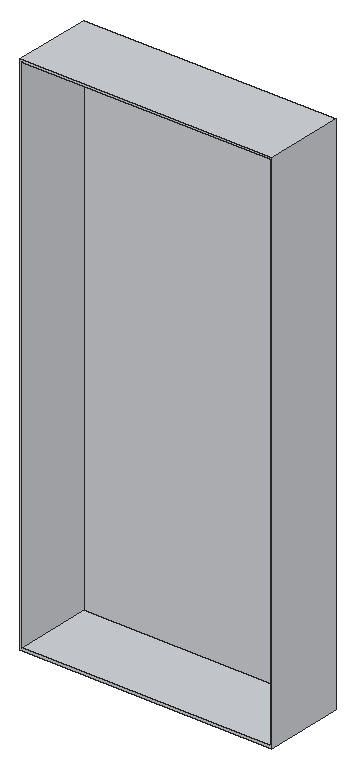
Revit family "Hager-VOLTA-Surface_mounted-IP30-Without_Cover-Without_DIN-NoHosted-CH-en", category Electrical Equipment, Revit 2023
Family settings
  Panel Configuration = Two Columns, Circuits Across
  Round Connector Dimension = Use Diameter
  Part Type = Panelboard
  Work Plane-Based = Yes
  Always vertical = Yes
  Cut with Voids When Loaded = No
  Maintain Annotation Orientation = No
  Shared = No
  Room Calculation Point = No
Parameters (values of type "VOLTA-Surface_mounted_W305_H640_D96_12_Modular_Spacing-VA48MD")
  Width Control [instance] = if([HG000006-Flush mounted], if([EF000846 - Built-in width] > min_whd, [EF000846 - Built-in width], min_whd), if([EF000008 - Width] > min_whd, ([EF000008 - Width]), min_whd))  # 305 mm
  Void Depth [instance] = if([EF000218 - Built-in depth] > 1 mm, [EF000218 - Built-in depth], 1 mm)  # 1 mm
  Uniformat code = "D501001"
  Uniformat = "Low Tension Service & Dist."
  Référence = ""
  HG000131 - Functional label [instance] = ""
  HG000130 - Functional name [instance] = ""
  HG000099-Onfly Template ID = "507532"
  HG000059-Operating voltage [instance] = 230 V
  ETIM class name = "Small distribution board"
  ETIM class code = "EC000214"
  EF015941 - Signal passing door = no
  EF015777 - Neutral terminal block = no
  EF015776 - Earthing terminal block = no
  EF009212 - Cover model = "With notch"
  EF006306 - With lock = no
  EF006244 - Transparent cover/door = no
  EF005474 - Degree of protection (IP) = "IP30"
  EF004462 - Type of closure = ""
  EF002950 - Width in number of modular spacings = 12
  EF001596 - Housing material = ""
  EF001134 - DIN-rail = no
  EF001131 - Inner depth = 0 mm
  EF001088 - Extension possible = yes
  EF001062 - EMC-version = no
  EF000846 - Built-in width = 0 mm
  EF000339 - Type of covering = ""
  EF000332 - Built-in height = 0 mm
  EF000266 - Number of rows = 4
  EF000218 - Built-in depth = 0 mm
  EF000118 - With mounting plate = yes
  EF000116 - RAL-number = 9010
  EF000049 - Depth = 96 mm
  EF000040 - Height = 640 mm
  EF000008 - Width = 305 mm
  EF000007 - Colour = "White"
  EF000003 - Mounting method = "Surface mounted"
  EF004464 - Type of door = ""
  EF000024 - UV resistant = no
  Type Comments = ""
  System Height [instance] = Height Control - 2 * [HG000005-Thickness]  # 636 mm
  Reference description = ""
  Reference = "VOLTA-Surface_mounted_W305_H640_D96_12_Modular_Spacing-VA48MD"
  Panel Name [instance] = ""  # (empty or 0)
  Offset [instance] = 0 mm
  Object type = ""
  Name hager = "ADD_Enclosures_EC000214"
  Name BIM&CO = "Electricity"
  Name = "VOLTA-Surface_mounted-IP30-Without_Cover-Without_DIN-CH"
  Model = ""
  Level Offset [instance] = [Flush Mounted - Door Frame Width] + Offset  # 0 mm
  HGEF002950-Width in number of modular spacings = 12
  HGEF000266-Number of rows = 4
  HG000060-RAL-number = "9010"
  HG000017-Distance between poles = 18 mm
  HG000016-Door 3D visibility = yes
  HG000015-Clearance visibility = yes
  HG000014-Door on the right = yes
  HG000013-Door on the left = not([HG000014-Door on the right])  # no
  HG000012-Door swing angle = 90.00°
  HG000011-Empty rows from bottom = no
  HG000010-Asymmetric doors = no
  HG000009-Double swing door = no
  HG000008-Number of empty rows = 0
  HG000007-Number of empty columns = 0
  HG000006-Flush mounted = no
  HG000005-Thickness = 2 mm
  HG000004-Manufacturer reference = "VA48MD"
  HG000003-Range = "VOLTA"
  HG000002-With door or cover = no
  HG000001-Number of columns = 0
  GTIN (Global Trade Item Number) = ""
  Description = ""
  Default Elevation = 1200 mm
  Creation Date = "12/15/2025 21:43:52"
  Code hager = "ADD-EC000214_EU"
  Code Uniformat = ""
  BIM&CO code = ""
  BC_VARIANT_ID = "1174158"
  BC_OBJECT_VERSION = "#9"  # constant formula
  BC_OBJECT_ID = "513473"  # constant formula
  BC_MODEL_ID = "1547143"  # constant formula
  BC_METADATA = "{\"ObjectGuid\":\"bc35c96e-cb38-443e-833d-0616858cb9ac\",\"ModelGuid\":\"8af03f69-2293-4735-a617-cc53adf55621\",\"VariantGuid\":\"8b6e323b-1b53-409a-a940-11b5a7fc5337\",\"Revision\":\"#4\",\"VariantName\":\"Template-Enclosure_EU-EC000214\"}"
  Arrow Offset [instance] = Depth Control / 8  # 12 mm
  Arrow Height [instance] = Depth Control - Arrow Offset  # 84 mm
  Host Offset [instance] = if([HG000006-Flush mounted], 0 mm, [EF000049 - Depth])  # 96 mm
  min_whd [instance] = (2 * [HG000005-Thickness]) + 1 mm  # 5 mm
  Manufacturer = "Hager"  # constant formula
  Height Control [instance] = if([HG000006-Flush mounted], if([EF000332 - Built-in height] > min_whd, [EF000332 - Built-in height], min_whd), if([EF000040 - Height] > min_whd, ([EF000040 - Height]), min_whd))  # 640 mm
  Flush Mounted - Door Frame Width [instance] = if(([EF000040 - Height] - [EF000332 - Built-in height]) > 0 mm, if([HG000006-Flush mounted], [EF000040 - Height] - [EF000332 - Built-in height], 0 mm), 0 mm)  # 0 mm
  Depth Control [instance] = if([HG000006-Flush mounted], if([EF000218 - Built-in depth] > 0 mm, [EF000218 - Built-in depth], 1 mm), if([EF000049 - Depth] > 0 mm, ([EF000049 - Depth]), 1 mm))  # 96 mm
Reference planes
  plane 1 "Center (Front/Back)": y = 0
  plane 2: z = 0
  plane 3 "Center (Left/Right)": x = 0
  plane 4: y = 2
  plane 5: y = 0
  plane 6: y = 0
  plane 7: z = 0
  plane 8: x = -152.5
  plane 9: x = 152.5
  plane 10: x = 150.5
  plane 11: x = -150.5
  plane 12: z = 0
  plane 13: z = 2
  plane 14: y = -91
  plane 15: y = -96
  plane 16: y = -2
  plane 17: z = 638
  plane 18: z = 640
  plane 19: z = 320
  plane 20: x = 0
  plane 21: y = -100
  plane 22 "Annotation H": y = -300
  plane 23 "Annotation V": x = 352.5
Forms (mm)
  Extrusion 1, solid
    sketch origin (-208.679, -4572, 0) x (-1, 0, 0) y (0, -1, 0)
      loop
        line (-56.179, -4476) -> (-361.179, -4476) -> (-361.179, -4572) -> (-56.179, -4572) -> (-56.179, -4476)
    from 0 to 640 <- "Height Control"
  Extrusion 2, void
    sketch origin (-350.771, -96, 1219.2) x (1, 0, 0) y (0, 0, 1)
      loop
        line (200.271, -581.2) -> (200.271, -1217.2) -> (501.271, -1217.2) -> (501.271, -581.2) -> (200.271, -581.2)
    from 0 to -94
  Extrusion 3, solid, detail levels coarse+medium
    sketch origin (-350.771, -96, 1219.2) x (-1, 0, 0) y (0, 0, 1)
      loop
        line (-200.271, -581.2) -> (-501.271, -581.2) -> (-501.271, -1217.2) -> (-200.271, -1217.2) -> (-200.271, -581.2)
    from 0 to 2 <- "HG000005-Thickness"
Cuts and joins
  Extrusion 2 cuts Extrusion 1
Dimensions and locks
  "Flush Mounted - Door Frame Width": plane 1 "Center (Front/Back)" to plane 6
  "HG000005-Thickness": plane 4 to plane 6
  "HG000005-Thickness": plane 8 to plane 11
  "HG000005-Thickness": plane 9 to plane 10
  equal spacing: plane 8, plane 3 "Center (Left/Right)", plane 9
  "Width Control": plane 8 to plane 9
  locked: plane 14 to plane 15 at 5
  "Host Offset": plane 1 "Center (Front/Back)" to plane 15
  "Depth Control": plane 5 to plane 15
  "HG000005-Thickness": plane 5 to plane 16
  "HG000005-Thickness": plane 13 to plane 12
  "Level Offset": plane 12 to level
  "HG000005-Thickness": plane 18 to plane 17
  "Height Control": plane 18 to plane 12
  "Arrow Offset": plane 5 to nested 4
  equal spacing: plane 18, plane 19, plane 12
  locked: connector elem to plane 19
  locked: connector elem to plane 3 "Center (Left/Right)"
  Extrusion 2 sketch curve to Extrusion 2 sketch curve to plane 9 = 301 mm, 2 mm
  locked: plane 9 to plane 23 "Annotation V" at 200
  locked: plane 22 "Annotation H" to plane 1 "Center (Front/Back)" at 300
  aligned and locked: nested 1 to plane 14
  aligned and locked: plane 3 "Center (Left/Right)" to nested 1
  aligned and locked: plane 3 "Center (Left/Right)" to nested 2
  aligned and locked: nested 2 to plane 15
  aligned and locked: plane 5 to Extrusion 1
  aligned and locked: Extrusion 3 sketch curve to plane 17
  aligned and locked: Extrusion 3 sketch curve to plane 11
  aligned and locked: plane 13 to Extrusion 3 sketch curve
  aligned and locked: Extrusion 3 sketch curve to plane 10
  aligned and locked: plane 13 to Extrusion 2 sketch curve
  aligned and locked: Extrusion 2 sketch curve to plane 17
  aligned and locked: plane 16 to Extrusion 2
  aligned and locked: plane 5 to Extrusion 1 sketch curve
  aligned and locked: plane 9 to Extrusion 1 sketch curve
  aligned and locked: plane 8 to Extrusion 1 sketch curve
  aligned and locked: plane 8 to nested 4
  aligned and locked: plane 8 to nested 3
  aligned and locked: nested 3 to plane 5
  aligned and locked: Extrusion 1 sketch curve to plane 15
  aligned and locked: Extrusion 2 to plane 15
  aligned and locked: nested 5 to plane 22 "Annotation H"
  aligned and locked: plane 23 "Annotation V" to nested 5
  aligned and locked: plane 11 to Extrusion 2
  aligned and locked: plane 10 to Extrusion 2
Nested families
  nested 1: "Hager_Enclosure_System" at (0, -91, 2), Flush_Mounted <- "HG000006-Flush mounted", Height <- "System Height", Width_Control <- "Width Control", Row_Module_Multiplicator <- "HGEF002950-Width in number of modular spacings", Empty_Columns <- "HG000007-Number of empty columns", Border <- "HG000005-Thickness", Total_No_Empty_Rows <- "HG000008-Number of empty rows", Depth <- "HG000005-Thickness", Empty_Rows_From_Bottom <- "HG000011-Empty rows from bottom", Distance_Between_Poles <- "HG000017-Distance between poles", Rows_Count <- "HGEF000266-Number of rows", Columns_Count <- "HG000001-Number of columns", Built-in_Width <- "EF000846 - Built-in width", Width <- "EF000008 - Width", type "Hager_Enclosure_System", detail levels medium+fine
    with Width_Control 305 mm, Width 305 mm, Total_No_Rows 4, Total_No_Empty_Rows 0, Total_No_Columns 1, System_Width 301 mm, Rows_Count 4, Rows_Column 4, Row_Module_Multiplicator 12, Panel_4 no, Panel_3 no, Panel_2 no, Panel_1 no, No_Panels_Ctrl 1, Hide_Columns yes, Height 636 mm, Flush_Mounted no, Empty_Rows_From_Bottom no, Empty_Rows_Column 0, Empty_Columns 0, Empty column 4 0, Empty column 3 0, Empty column 2 0, Empty column 1 0, Distance_Between_Poles 18 mm, Depth 2 mm, Columns_Count 0, Column_Width 301 mm, Built-in_Width 0 mm, Border 2 mm
  nested 2: "Hager_Enclosure_Door" at (0, -96, 0), Double <- "HG000009-Double swing door", Height_Ctrl <- "Height Control", Angle <- "HG000012-Door swing angle", Door_Right <- "HG000014-Door on the right", Assymetrical <- "HG000010-Asymmetric doors", Flush_Mounted <- "HG000006-Flush mounted", Door <- "HG000002-With door or cover", Width_Ctrl <- "Width Control", 3d_Door <- "HG000016-Door 3D visibility", Border <- "HG000005-Thickness", Clearance <- "HG000015-Clearance visibility", Door_Left <- "HG000013-Door on the left", BuiltIn_Depth <- "EF000218 - Built-in depth", Depth <- "EF000049 - Depth", BuiltIn_Width <- "EF000846 - Built-in width", Height <- "EF000040 - Height", BuiltIn_Height <- "EF000332 - Built-in height", Width <- "EF000008 - Width", Transparent <- "EF006244 - Transparent cover/door", type "Hager_Enclosure_Door", detail levels medium+fine
    with min_wh 5 mm, Width_Ctrl 305 mm, Width 305 mm, Transparent_Door_No_Bottom_Border no, Transparent no, Leaf_Width 298 mm, Leaf_Tolerance 1.5 mm, Leaf_Height 633 mm, Leaf_2_Width 298 mm, Leaf_2_Offset 149 mm, Leaf_1_Width 298 mm, Leaf_1_Offset 149 mm, Height_Ctrl 640 mm, Height 640 mm, Frame_Width_Ctrl 305 mm, Frame_Width 305 mm, Frame_Internal_Offset 0 mm, Frame_Height_Ctrl 640 mm, Frame_Height 640 mm, Frame_Depth_Ctrl 1 mm, Frame_Depth 0 mm, Flush_Mounted no, Double_Clearance_Ctrl no, Double no, Door_Right_Ctrl no, Door_Right yes, Door_Left_Ctrl no, Door_Left no, Door no, Depth 96 mm, Clearance_Depth 298 mm, Clearance_Ctrl yes, Clearance yes, BuiltIn_Width 0 mm, BuiltIn_Height 0 mm, BuiltIn_Depth 0 mm, Border 2 mm, Assymetrical no, Angle 90.00°, 3d_Door yes
  nested 3: "Hager_Enclosure_Symbol_Triangle" at (-152.5, 0, 0), Depth <- "Depth Control", Width <- "Width Control", type "Hager_Enclosure_Symbol_Triangle"
    with Width_Ctrl 305 mm, Width 305 mm, Depth_Ctrl 96 mm, Depth 96 mm
  nested 4: "Hager_Enclosure_Symbol_Arrow" at (-152.5, -12, 0), Height <- "Arrow Height", type "Hager_Enclosure_Symbol_Arrow"
    with Width_Inside 6.3 mm, Width 75.6 mm, Height_Ctrl 84 mm, Height 84 mm
  nested 5: "Hager_Annotation-HG000130" at (352.5, -300, 0), HG000130 - Functional name <- "HG000130 - Functional name", type "Hager_Annotation-HG000130"
    with HG000130 - Functional name ""
Connectors
  electrical at (0, 0, 320), driven by "HG000059-Operating voltage"
    settings: on plane 5, index 1, voltage 230 V, apparent load 0 VA, apparent load phase1 0 VA, apparent load phase2 0 VA, apparent load phase3 0 VA, power factor 1, load classification "Other", number of poles 1, system type 30, power factor state 1, is connector primary yes, connector utility no, sub classification motor no, connector description ""
Definition of nested family "Hager_Enclosure_Door"
  Parameters (values of type "Hager_Enclosure_Door")
    min_wh [instance] = (2 * Border) + 1 mm  # 11 mm
    Width_Ctrl [instance] = 400 mm
    Width [instance] = 500 mm
    Transparent_Door_No_Bottom_Border [instance] = no
    Transparent [instance] = yes
    Leaf_Width [instance] = if((Width_Ctrl - 2 * Border - 2 * Leaf_Tolerance) > 0 mm, (Width_Ctrl - 2 * Border - 2 * Leaf_Tolerance), min_wh)  # 387 mm
    Leaf_Tolerance [instance] = 1.5 mm  # constant formula
    Leaf_Height [instance] = if((Height_Ctrl - 2 * Border - 2 * Leaf_Tolerance) > 0 mm, (Height_Ctrl - 2 * Border - 2 * Leaf_Tolerance), min_wh)  # 387 mm
    Leaf_2_Width [instance] = if(and(and(Double, Assymetrical), Door_Left), (Leaf_Width / 3) - (Leaf_Tolerance / 2), if(and(and(Double, Assymetrical), Door_Right), (Leaf_Width / 3) * 2 - (Leaf_Tolerance / 2), if(and(Double, not(Assymetrical)), (Leaf_Width / 2) - Leaf_Tolerance, Leaf_Width)))  # 387 mm
    Leaf_2_Offset [instance] = if(and(Double, Assymetrical), Leaf_2_Width / 2, if(and(Double, not(Assymetrical)), Leaf_Width / 4, Leaf_Width / 2))  # 193.5 mm
    Leaf_1_Width [instance] = if(and(and(Double, Assymetrical), Door_Right), (Leaf_Width / 3) - (Leaf_Tolerance / 2), if(and(and(Double, Assymetrical), Door_Left), (Width / 3) * 2 - (Leaf_Tolerance / 2), if(and(Double, not(Assymetrical)), (Leaf_Width / 2) - Leaf_Tolerance, Leaf_Width)))  # 387 mm
    Leaf_1_Offset [instance] = if(and(Double, Assymetrical), Leaf_1_Width / 2, if(and(Double, not(Assymetrical)), Leaf_Width / 4, Leaf_Width / 2))  # 193.5 mm
    Height_Ctrl [instance] = 400 mm
    Height [instance] = 500 mm
    Frame_Width_Ctrl [instance] = if(Frame_Width > 0 mm, Frame_Width, 1 mm)  # 1 mm
    Frame_Width [instance] = Width - BuiltIn_Width  # 0 mm
    Frame_Internal_Offset [instance] = if(Flush_Mounted, Border, 0 mm)  # 5 mm
    Frame_Height_Ctrl [instance] = if(Frame_Height > 0 mm, Frame_Height, 1 mm)  # 1 mm
    Frame_Height [instance] = Height - BuiltIn_Height  # 0 mm
    Frame_Depth_Ctrl [instance] = if(Frame_Depth > 0 mm, Frame_Depth, 1 mm)  # 1 mm
    Frame_Depth [instance] = if(Depth - BuiltIn_Depth > 0 mm, if(Flush_Mounted, Depth - BuiltIn_Depth, 0 mm), 0 mm)  # 0 mm
    Flush_Mounted [instance] = yes
    Double_Clearance_Ctrl [instance] = and(Double, Clearance)  # no
    Double [instance] = no
    Door_Right_Ctrl [instance] = and(or(Door_Right, Double), Door)  # yes
    Door_Right [instance] = yes
    Door_Left_Ctrl [instance] = and(or(Door_Left, Double), Door)  # no
    Door_Left [instance] = no
    Door [instance] = yes
    Depth [instance] = 500 mm
    Default Elevation = 1219.2 mm
    Clearance_Material = none
    Clearance_Depth [instance] = if(Leaf_1_Width > Leaf_2_Width, Leaf_1_Width, Leaf_2_Width)  # 387 mm
    Clearance_Ctrl [instance] = and(not(Double), Clearance)  # yes
    Clearance [instance] = yes
    BuiltIn_Width [instance] = 500 mm
    BuiltIn_Height [instance] = 500 mm
    BuiltIn_Depth [instance] = 500 mm
    Border [instance] = 5 mm
    Assymetrical [instance] = yes
    Angle [instance] = 30.00°
    3d_Door [instance] = yes
  Reference planes
    plane 1 "Center (Front/Back)": y = 0
    plane 2 "Bottom": z = 0
    plane 3 "Center (Left/Right)": x = 0
    plane 4: z = 400
    plane 5: x = -200
    plane 6: x = 200
    plane 7: z = 395
    plane 8: x = -195
    plane 9: z = 5
    plane 10: x = 195
    plane 11: y = 0
    plane 12: z = 6.5
    plane 13: x = -582
    plane 14: y = -387
    plane 15: x = 582
    plane 16: x = 0
    plane 17: x = 0
    plane 18: x = -193.5
    plane 19: x = 193.5
    plane 20: z = 393.5
  Forms (mm)
    Extrusion 1, solid, visible <- "Flush_Mounted"
      sketch origin (0, 0, 0) x (1, 0, 0) y (0, 0, 1)
        loop
          line (195, 5) -> (195, 395) -> (-195, 395) -> (-195, 5) -> (195, 5)
        loop
          line (-201, 401) -> (-201, -1) -> (201, -1) -> (201, 401) -> (-201, 401)
      from 0 to 1 <- "Frame_Depth_Ctrl"
    Extrusion 2, solid, material <- "Clearance_Material", visible <- "Double_Clearance_Ctrl"
      sketch origin (1200, 0, 0) x (1, 0, 0) y (0, 0, -1)
        loop
          line (-1782, -393.5) -> (-618, -393.5) -> (-618, 0) -> (-1782, 0) -> (-1782, -393.5)
      from 0 to -387
  Dimensions and locks
    equal spacing: plane 5, plane 3 "Center (Left/Right)", plane 6
    "Width_Ctrl": plane 5 to plane 6
    "Border": plane 5 to plane 8
    "Border": plane 6 to plane 10
    "Border": plane 9 to level
    "Border": plane 4 to plane 7
    "Height_Ctrl": plane 4 to level
    "Leaf_Tolerance": plane 12 to plane 9
    "Frame_Depth": plane 11 to plane 1 "Center (Front/Back)"
    "Frame_Width_Ctrl": plane 5 to Extrusion 1 sketch curve
    "Frame_Width_Ctrl": plane 6 to Extrusion 1 sketch curve
    "Frame_Width_Ctrl": Extrusion 1 sketch curve to plane 4
    "Frame_Width_Ctrl": plane 2 "Bottom" to Extrusion 1 sketch curve
    "Leaf_1_Offset": plane 18 to plane 16
    "Leaf_2_Offset": plane 17 to plane 19
    "Leaf_1_Width": plane 13 to plane 8
    "Leaf_2_Width": plane 10 to plane 15
    "Clearance_Depth": plane 14 to plane 1 "Center (Front/Back)"
    "Leaf_Tolerance": plane 8 to plane 18
    "Leaf_Tolerance": plane 19 to plane 10
    "Leaf_Tolerance": plane 7 to plane 20
    "Frame_Internal_Offset": plane 5 to Extrusion 1 sketch curve
    "Frame_Internal_Offset": Extrusion 1 sketch curve to plane 2 "Bottom"
    "Frame_Internal_Offset": plane 6 to Extrusion 1 sketch curve
    "Frame_Internal_Offset": plane 4 to Extrusion 1 sketch curve
    aligned and locked: level to plane 2 "Bottom"
    aligned and locked: nested 1 to plane 16
    aligned and locked: nested 2 to plane 17
    aligned and locked: Extrusion 2 to plane 13
    aligned and locked: plane 15 to Extrusion 2
    aligned and locked: Extrusion 2 to plane 14
    aligned and locked: plane 12 to nested 1
    aligned and locked: nested 2 to plane 12
    aligned and locked: Extrusion 2 to plane 11
    aligned and locked: plane 20 to Extrusion 2
    aligned and locked: nested 2 to plane 11
    aligned and locked: nested 1 to plane 11
  Automatic sketch dimensions
    Extrusion 2 sketch curve to level = 0 mm
    plane 5 to Extrusion 2 sketch curve = 382 mm
    plane 6 to Extrusion 2 sketch curve = 382 mm
    Extrusion 2 sketch curve to plane 4 = 6.5 mm
  Nested families
    nested 1: "Hager_Enclosure_Door_Leaf" at (0, 0, 6.5), Width <- "Leaf_1_Width", visible <- "Door_Left_Ctrl", Leaf_Height <- "Leaf_Height", Angle <- "Angle", Depth <- "Border", 3d_Door <- "3d_Door", Transparent <- "Transparent", Clearance Material <- "Clearance_Material", Clearance <- "Clearance_Ctrl", Transparent_Door_No_Bottom_Border <- "Transparent_Door_No_Bottom_Border", type "Hager_Enclosure_Door_Leaf"
      with Width 387 mm, Transparent_Door_No_Bottom_Border no, Transparent_Door_Border_Bottom_Top 25 mm, Transparent_Door_Border 25 mm, Transparent_Ctrl yes, Transparent yes, Standard no, Leaf_Height 387 mm, Glass_Offset 1 mm, Depth 5 mm, Clearance Material none, Clearance yes, Angle_Ctrl 30.00°, Angle 30.00°, 3d_Door yes
    nested 2: "Hager_Enclosure_Door_Leaf" at (0, 0, 6.5) x (-1, 0, 0) z (0, 0, 1), Width <- "Leaf_2_Width", visible <- "Door_Right_Ctrl", Leaf_Height <- "Leaf_Height", Angle <- "Angle", Depth <- "Border", 3d_Door <- "3d_Door", Transparent <- "Transparent", Clearance Material <- "Clearance_Material", Clearance <- "Clearance_Ctrl", Transparent_Door_No_Bottom_Border <- "Transparent_Door_No_Bottom_Border", type "Hager_Enclosure_Door_Leaf"
      with Width 387 mm, Transparent_Door_No_Bottom_Border no, Transparent_Door_Border_Bottom_Top 25 mm, Transparent_Door_Border 25 mm, Transparent_Ctrl yes, Transparent yes, Standard no, Leaf_Height 387 mm, Glass_Offset 1 mm, Depth 5 mm, Clearance Material none, Clearance yes, Angle_Ctrl 30.00°, Angle 30.00°, 3d_Door yes
  Definition of nested family "Hager_Enclosure_Door_Leaf"
    Parameters (values of type "Hager_Enclosure_Door_Leaf")
      Width [instance] = 2000 mm
      Transparent_Door_No_Bottom_Border [instance] = yes
      Transparent_Door_Border_Bottom_Top [instance] = if(Transparent_Door_No_Bottom_Border, 0.1 mm, Transparent_Door_Border)  # 0.1 mm
      Transparent_Door_Border [instance] = if(Transparent_Door_No_Bottom_Border, (Width * 0.12), 25 mm)  # 240 mm
      Transparent_Ctrl [instance] = and(Transparent, [3d_Door])  # yes
      Transparent [instance] = yes
      Standard [instance] = and(not(Transparent), [3d_Door])  # no
      Leaf_Height [instance] = 2720.336 mm
      Glass_Offset [instance] = if((Depth - 10 mm) / 2 > 0 mm, (Depth - 10 mm) / 2, 1 mm)  # 15 mm
      Glass_Material = none
      Depth [instance] = 40 mm
      Default Elevation = 0 mm
      Clearance Material [instance] = none
      Clearance [instance] = yes
      Angle_Ctrl [instance] = if(Angle > 170.00°, 170.00°, Angle)  # 45.00°
      Angle [instance] = 45.00°
      3d_Door [instance] = yes
    Reference planes
      plane 1 "Center (Front/Back)": y = 0
      plane 2: z = 0
      plane 3 "Center (Left/Right)": x = 0
      plane 4: y = 2000
      plane 5: x = -1000
      plane 6: x = 1000
      plane 7: x = -3000
      plane 8: z = 2720.336
      plane 9: z = 0.1
      plane 10: z = 2720.236
      plane 11: x = 760
      plane 12: x = -760
    Forms (mm)
      Extrusion 1, solid, material <- "Clearance Material", visible <- "Clearance"
        sketch origin (0, 0, 0) x (1, 0, 0) y (0, 0, 1)
          loop
            line (-3000, 2720.336) -> (-3000, 0) -> (1000, 0) -> (1000, 2720.336) -> (-3000, 2720.336)
        from 0 to -2000
      Extrusion 2, solid, visible <- "Standard", detail levels medium+fine
        sketch origin (-1000, 0, 0) x (0.707107, 0.707107, 0) y (-0.707107, 0.707107, 0)
          loop
            line (0, -40) -> (2000, -40) -> (2000, 0) -> (0, 0) -> (0, -40)
        from 0 to 2720.336 <- "Leaf_Height"
      Extrusion 3, solid, visible <- "Transparent_Ctrl", detail levels medium+fine
        sketch origin (-1000, 0, 0) x (0.707107, 0.707107, 0) y (-0.707107, 0.707107, 0)
          loop
            line (0, -40) -> (2000, -40) -> (2000, 0) -> (0, 0) -> (0, -40)
        from 0 to 2720.336 <- "Leaf_Height"
      Extrusion 4, void, detail levels medium+fine
        sketch origin (-1000, 0, 0) x (-0.707107, 0.707107, 0) y (0.707107, 0.707107, 0)
          loop
            line (0, 240) -> (0, 1760) -> (-40, 1760) -> (-40, 240) -> (0, 240)
        from -2720.236 to -0.1
      Extrusion 5, solid, material <- "Glass_Material", visible <- "Transparent_Ctrl", detail levels medium+fine
        sketch origin (-1000, 0, 0) x (0.707107, 0.707107, 0) y (-0.707107, 0.707107, 0)
          loop
            line (240, -15) -> (240, -25) -> (1760, -25) -> (1760, -15) -> (240, -15)
        from 0.1 to 2720.236
    Cuts and joins
      Extrusion 4 cuts Extrusion 3
    Lines and regions (mm)
      symbolic lines
        curve 1: line (1000, 0, 0) -> (-3000, 0, 0)
        curve 2: arc (1000, 0, 0) -> (-1000, 2000, 0) -> (-3000, 0, 0) r 2000
        curve 4: line (-1000, 0, 0) -> (414.214, 1414.214, 0)
      reference lines
        curve 3: line (-1000, 0, 0) -> (414.214, 1414.214, 0)
      symbolic lines, detail levels medium+fine
        curve 5: line (414.214, 1414.214, 0) -> (442.498, 1385.929, 0)
        curve 6: line (442.498, 1385.929, 0) -> (-971.716, -28.284, 0)
        curve 7: line (-971.716, -28.284, 0) -> (-1000, 0, 0)
        curve 8: line (-1000, 0, 2720.336) -> (1000, 0, 2720.336)
        curve 9: line (-1000, 0, 0) -> (-1000, 0, 2720.336)
        curve 10: line (1000, 0, 0) -> (-1000, 0, 0)
        curve 11: line (1000, 0, 2720.336) -> (1000, 0, 0)
      symbolic lines, visible <- "Transparent_Ctrl", detail levels medium+fine
        curve 12: line (-760, 0, 2720.236) -> (760, 0, 2720.236)
        curve 13: line (-760, 0, 0.1) -> (-760, 0, 2720.236)
        curve 14: line (760, 0, 0.1) -> (-760, 0, 0.1)
        curve 15: line (760, 0, 2720.236) -> (760, 0, 0.1)
    Dimensions and locks
      "Width": plane 1 "Center (Front/Back)" to plane 4
      equal spacing: plane 5, plane 3 "Center (Left/Right)", plane 6
      "Width": plane 5 to plane 6
      "Width": plane 7 to plane 5
      "Leaf_Height": plane 8 to level
      "Depth": curve 6 to curve 3
      "Width": curve 5 to curve 3
      "Width": curve 3 to curve 3
      "Transparent_Door_Border": Extrusion 4 sketch curve to curve 7
      "Transparent_Door_Border": Extrusion 4 sketch curve to curve 5
      "Transparent_Door_Border_Bottom_Top": plane 8 to plane 10
      "Transparent_Door_Border_Bottom_Top": plane 9 to level
      "Glass_Offset": Extrusion 5 sketch curve to curve 4
      "Glass_Offset": Extrusion 5 sketch curve to curve 6
      "Transparent_Door_Border": Extrusion 5 sketch curve to curve 5
      "Transparent_Door_Border": Extrusion 5 sketch curve to curve 7
      "Transparent_Door_Border": plane 12 to plane 5
      "Transparent_Door_Border": plane 6 to plane 11
      "Angle_Ctrl": angle plane 1 "Center (Front/Back)" to curve 3
      aligned and locked: level to plane 2
      aligned and locked: Extrusion 1 to curve 1
      aligned and locked: plane 6 to Extrusion 1
      aligned and locked: Extrusion 1 to plane 1 "Center (Front/Back)"
      aligned and locked: plane 4 to Extrusion 1
      aligned and locked: plane 8 to Extrusion 1
      aligned and locked: curve 4 to curve 3
      aligned and locked: Extrusion 2 sketch curve to curve 7
      aligned and locked: Extrusion 2 sketch curve to curve 6
      aligned and locked: Extrusion 2 sketch curve to curve 5
      aligned and locked: Extrusion 2 sketch curve to curve 3
      aligned and locked: curve 7 to Extrusion 3 sketch curve
      aligned and locked: Extrusion 3 sketch curve to curve 4
      aligned and locked: Extrusion 3 sketch curve to curve 6
      aligned and locked: Extrusion 3 sketch curve to curve 5
      aligned and locked: curve 4 to Extrusion 4 sketch curve
      aligned and locked: curve 6 to Extrusion 4 sketch curve
      aligned and locked: Extrusion 4 to plane 9
      aligned and locked: Extrusion 4 to plane 10
      aligned and locked: Extrusion 5 to plane 9
      aligned and locked: Extrusion 5 to plane 10
      aligned and locked: curve 8 to plane 8
      aligned and locked: plane 5 to curve 9
      aligned and locked: plane 2 to curve 10
      aligned and locked: curve 11 to plane 6
      aligned and locked: plane 10 to curve 12
      aligned and locked: plane 12 to curve 13
      aligned and locked: curve 14 to plane 9
      aligned and locked: plane 11 to curve 15
    Automatic sketch dimensions
      plane 1 "Center (Front/Back)" to curve 2 = 0 mm
      curve 2 to plane 5 = 0 mm
      Extrusion 1 sketch curve to level = 0 mm
      Extrusion 1 sketch curve to plane 7 = 0 mm
      Extrusion 1 sketch curve to plane 6 = 0 mm
      Extrusion 1 sketch curve to plane 8 = 0 mm
      plane 1 "Center (Front/Back)" to curve 3 = 0 mm
      curve 3 to plane 5 = 0 mm
      curve 7 to curve 3 = 0 mm
Definition of nested family "Hager_Enclosure_Symbol_Triangle"
  Parameters (values of type "Hager_Enclosure_Symbol_Triangle")
    Width_Ctrl [instance] = if(Width > 1 mm, Width, 1 mm)  # 498 mm
    Width [instance] = 498 mm
    Depth_Ctrl [instance] = if(Depth > 1 mm, Depth, 1 mm)  # 72 mm
    Depth [instance] = 72 mm
  Reference planes
    plane 1 "Centre (avant/arrière)": y = 0
    plane 2: z = 0
    plane 3 "Centre (gauche/droite)": x = 0
  Lines and regions (mm)
    Filled region 1, type "Solid_Black", in view "Niveau de réf."
      outline origin (0, 0, 0) x (1, 0, 0) y (0, 1, 0)
        loop
          line (0, 0) -> (498, 0) -> (498, 72) -> (0, 0)
    reference lines, in view "Niveau de réf."
      curve 1: line (-206.153, 72, 0) -> (1083.258, 72, 0)
      curve 2: line (498, 405.456, 0) -> (498, -517.619, 0)
  Dimensions and locks
    "Depth_Ctrl": plane 1 "Centre (avant/arrière)" to curve 1
    "Width_Ctrl": plane 3 "Centre (gauche/droite)" to curve 2
    aligned and locked: curve 1 to Filled region 1 sketch curve
    aligned and locked: Filled region 1 sketch curve to plane 1 "Centre (avant/arrière)"
    aligned and locked: curve 2 to Filled region 1 sketch curve
    aligned and locked: plane 3 "Centre (gauche/droite)" to Filled region 1 sketch curve
    aligned and locked: plane 1 "Centre (avant/arrière)" to Filled region 1 sketch curve
  Automatic sketch dimensions
    curve 1 to plane 3 "Centre (gauche/droite)" = 206.153 mm
    curve 2 to curve 1 = 585.258 mm
    plane 1 "Centre (avant/arrière)" to curve 2 = 517.619 mm
    curve 2 to plane 1 "Centre (avant/arrière)" = 405.456 mm
Definition of nested family "Hager_Enclosure_Symbol_Arrow"
  Parameters (values of type "Hager_Enclosure_Symbol_Arrow")
    Width_Inside [instance] = if(Width / 12 > 2 mm, Width / 12, 2 mm)  # 4.987 mm
    Width [instance] = if(Height_Ctrl * 0.9 > 2 mm, Height_Ctrl * 0.9, 2 mm)  # 59.85 mm
    Height_Ctrl [instance] = if(Height > 2 mm, Height, 2 mm)  # 66.5 mm
    Height [instance] = 66.5 mm
  Reference planes
    plane 1 "Centre (avant/arrière)": y = 0
    plane 2: z = 0
    plane 3 "Centre (gauche/droite)": x = 0
    plane 4: x = 59.85
    plane 5: y = 28.263
    plane 6: y = 38.238
    plane 7: y = 66.5
    plane 8: x = 29.925
    plane 9: y = 33.25
  Lines and regions (mm)
    Filled region 1, type "Solid_Black", in view "Niveau de réf."
      outline origin (0, 0, 0) x (1, 0, 0) y (0, 1, 0)
        loop
          line (59.85, 66.5) -> (37.929, 52.827) -> (51.846, 41.935) -> (59.85, 66.5)
    detail lines, in view "Niveau de réf."
      curve 1: line (0, 0, 0) -> (29.925, 38.238, 0)
      curve 2: line (29.925, 38.238, 0) -> (29.925, 28.263, 0)
      curve 3: line (29.925, 28.263, 0) -> (59.85, 66.5, 0)
  Dimensions and locks
    "Width": plane 3 "Centre (gauche/droite)" to plane 4
    "Height_Ctrl": plane 7 to plane 1 "Centre (avant/arrière)"
    equal spacing: plane 3 "Centre (gauche/droite)", plane 8, plane 4
    equal spacing: plane 7, plane 9, plane 1 "Centre (avant/arrière)"
    equal spacing: plane 6, plane 9, plane 5
    "Width_Inside": plane 6 to plane 9
    equal spacing: curve 3, Filled region 1 sketch curve, Filled region 1 sketch curve
    angle Filled region 1 sketch curve to curve 3 = 20.00°
    angle curve 3 to Filled region 1 sketch curve = 20.00°
    locked: curve 3 to Filled region 1 sketch curve (angle 90.00°)
  Automatic sketch dimensions
    plane 1 "Centre (avant/arrière)" to curve 1 = 0 mm
    curve 1 to plane 3 "Centre (gauche/droite)" = 0 mm
    curve 2 to plane 6 = 0 mm
    curve 3 to plane 8 = 0 mm
    curve 3 to plane 4 = 0 mm
    curve 2 to plane 5 = 0 mm
    curve 3 to plane 7 = 0 mm
    Filled region 1 sketch curve to plane 4 = 0 mm
    Filled region 1 sketch curve to plane 7 = 0 mm
Definition of nested family "Hager_Annotation-HG000130"
  Parameters (values of type "Hager_Annotation-HG000130")
    HG000130 - Functional name [instance] = ""
  Reference planes
    plane 1: y = 0
    plane 2: x = 0
  Lines and regions (mm)
    detail lines
      curve 1: line (-27.5, 10, 0) -> (27.5, 10, 0)
      curve 2: line (-27.5, -10, 0) -> (-27.5, 10, 0)
      curve 3: line (27.5, -10, 0) -> (-27.5, -10, 0)
      curve 4: line (27.5, 10, 0) -> (27.5, -10, 0)
  Text (mm)
    label "HG000130 - Functional name" at (0.16, 0.026, 0), shows "HG000130 - Functional name"
